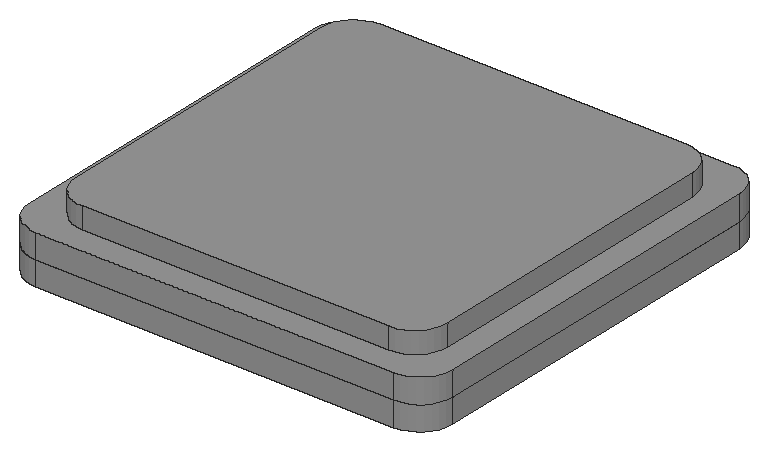
Revit family "FMS2_63_UN_Surface-mounted_ETK", category Lighting Fixtures, Revit 2019 (continued)
Definition of nested family "FMS.2 - Lightsource"
  Types (14, lengths in mm): name | Wattage Comments | Wattage | built-in parameter 1150134 | Photometric Web File | built-in parameter 1150142 | built-in parameter 1150105 | Lumens | built-in parameter 1150107 | built-in parameter 1150106 | Apparent Load
      56\t263.5693\t260.233\t256.8966\t253.5603\r\n250.0957\t246.631\t243.1664\t239.7018\t236.1088\t232.6442\t229.1795\t225.5866\t222.1219\t218.6573\r\n215.1926\t211.5997\t208.135\t204.6704\t201.0774\t197.6128\t194.1482\t190.5552\t187.0906\t183.6259\r\n180.1613\t176.6966\t173.232\t169.7674\t166.3027\t162.7098\t159.2451\t155.7805\t152.3158\t148.8512\r\n145.3866\t141.9219\t138.4573\t134.9926\t131.528\t128.1147\t124.65\t121.1854\t117.7208\t114.2561\r\n110.7915\t107.6605\t104.5936\t101.5268\t98.4599\t95.3931\t92.3262\t89.2594\t86.2054\t83.1385\r\n80.0717\t77.0048\t73.938\t70.8711\t67.8043\t64.7374\t61.6706\t58.6037\t55.5369\t52.4829\r\n49.416\t44.6169\t39.6765\t34.7362\t29.8087\t24.8684\t19.9281\t15.0006\t10.0603\t5.1238\r\n0.187\t0\t0\t0\t0\t0\t0\t0\t0\t0\r\n0\r\n473.6291\t472.9875\t472.4742\t471.8326\t471.191\t470.5494\t469.9078\t469.2662\t468.6246\t467.983\r\n467.3414\t466.6998\t466.0582\t465.4166\t464.775\t464.1334\t463.4918\t462.8502\t462.2086\t461.567\r\n460.9254\t459.5139\t457.9741\t456.3059\t454.6378\t452.9696\t451.3014\t449.6333\t447.8368\t446.1686\r\n444.5005\t442.8323\t441.1642\t439.496\t437.8278\t436.1597\t434.4915\t432.8234\t431.1552\t429.487\r\n427.6906\t425.7658\t423.1994\t420.7613\t418.1949\t415.7568\t413.1904\t410.7523\t408.1859\t405.7478\r\n403.1814\t400.615\t398.177\t395.6106\t393.1725\t390.6061\t388.0397\t385.6016\t383.0352\t380.5971\r\n378.0307\t375.336\t372.2563\t369.305\t366.2253\t363.1456\t360.0659\t356.9862\t354.0349\t350.9552\r\n347.8755\t344.7958\t341.7162\t338.7648\t335.6851\t332.6054\t329.5258\t326.5744\t323.4947\t320.415\r\n317.3354\t314.2557\t310.9194\t307.583\t304.1184\t300.7821\t297.4458\t294.1094\t290.6448\t287.3085\r\n283.9722\t280.5075\t277.1712\t273.8349\t270.4986\t267.0339\t263.6976\t260.3613\t256.8966\t253.5603\r\n250.224\t246.8877\t243.2947\t239.8301\t236.3654\t232.7725\t229.3078\t225.8432\t222.3786\t218.7856\r\n215.321\t211.8563\t208.2634\t204.7987\t201.3341\t197.7411\t194.2765\t190.8118\t187.3472\t183.7542\r\n180.2896\t176.825\t173.3603\t169.8957\t166.431\t162.9664\t159.5018\t156.0371\t152.5725\t149.1078\r\n145.6432\t142.1786\t138.7139\t135.2493\t131.7846\t128.32\t124.9195\t121.4677\t118.0159\t114.5641\r\n111.1123\t107.8273\t104.7733\t101.7064\t98.6524\t95.5984\t92.5316\t89.4775\t86.4235\t83.3695\r\n80.3155\t77.2486\t74.1946\t71.1406\t68.0866\t65.0326\t61.9786\t58.9245\t55.8705\t52.8165\r\n49.7625\t45.374\t40.408\t35.4548\t30.5017\t25.5357\t20.5825\t15.6294\t10.666\t5.7077\r\n0.7495\t0\t0\t0\t0\t0\t0\t0\t0\t0\r\n0\r\n473.6291\t473.1158\t472.4742\t471.8326\t471.191\t470.5494\t469.9078\t469.2662\t468.6246\t467.983\r\n467.3414\t466.6998\t466.0582\t465.4166\t464.775\t464.1334\t463.4918\t462.8502\t462.0803\t461.4387\r\n460.6688\t459.7706\t458.1024\t456.3059\t454.6378\t452.9696\t451.3014\t449.6333\t447.9651\t446.297\r\n444.6288\t442.8323\t441.1642\t439.496\t437.8278\t436.1597\t434.4915\t432.8234\t431.1552\t429.487\r\n427.6906\t426.0224\t423.7126\t421.1462\t418.7082\t416.1418\t413.5754\t411.009\t408.5709\t406.0045\r\n403.4381\t400.8717\t398.3053\t395.7389\t393.1725\t390.6061\t388.0397\t385.6016\t383.0352\t380.4688\r\n377.9024\t375.336\t372.7696\t369.6899\t366.6102\t363.5306\t360.4509\t357.3712\t354.2915\t351.2118\r\n348.1322\t345.0525\t342.1011\t339.0214\t335.9418\t332.8621\t329.7824\t326.7027\t323.623\t320.5434\r\n317.4637\t314.384\t311.3043\t307.968\t304.5034\t301.167\t297.7024\t294.3661\t291.0298\t287.5651\r\n284.2288\t280.7642\t277.4278\t274.0915\t270.6269\t267.2906\t263.9542\t260.4896\t257.1533\t253.817\r\n250.3523\t247.016\t243.5514\t240.0867\t236.6221\t233.1574\t229.5645\t226.0998\t222.6352\t219.0422\r\n215.5776\t212.113\t208.6483\t205.0554\t201.5907\t198.1261\t194.6614\t191.0685\t187.6038\t184.1392\r\n180.6746\t177.2099\t173.617\t170.2806\t166.816\t163.3514\t159.8867\t156.4221\t152.9574\t149.4928\r\n146.0282\t142.5635\t139.0989\t135.6342\t132.2979\t128.8333\t125.343\t121.904\t118.4522\t115.0132\r\n111.5614\t108.1096\t104.9529\t101.9117\t98.8577\t95.8037\t92.7625\t89.7213\t86.6673\t83.6261\r\n80.585\t77.5438\t74.5026\t71.4614\t68.4202\t65.379\t62.3379\t59.2967\t56.2683\t53.2271\r\n50.1988\t46.516\t41.5372\t36.5584\t31.5667\t26.5879\t21.6091\t16.6303\t11.6502\t6.6701\r\n1.6887\t0\t0\t0\t0\t0\t0\t0\t0\t0\r\n0\r\n473.6291\t473.1158\t472.4742\t471.8326\t471.191\t470.5494\t470.0362\t469.3946\t468.753\t468.1114\r\n467.4698\t466.8282\t466.1866\t465.545\t464.775\t464.0051\t463.3635\t462.5936\t461.952\t461.1821\r\n460.4122\t459.7706\t458.2307\t456.5626\t454.8944\t453.2262\t451.5581\t449.8899\t448.0934\t446.4253\r\n444.7571\t443.089\t441.4208\t439.6243\t437.9562\t436.288\t434.4915\t432.8234\t431.0269\t429.2304\r\n427.5622\t425.7658\t423.9693\t421.6595\t419.0931\t416.5267\t414.0886\t411.5222\t408.9558\t406.3894\r\n403.6947\t401.1283\t398.5619\t395.9955\t393.4291\t390.8627\t388.2963\t385.6016\t383.0352\t380.4688\r\n377.9024\t375.336\t372.7696\t370.2032\t367.1235\t364.0438\t360.9642\t357.8845\t354.8048\t351.7251\r\n348.6454\t345.5658\t342.4861\t339.4064\t336.1984\t333.1187\t330.039\t326.9594\t323.8797\t320.8\r\n317.592\t314.5123\t311.561\t308.353\t305.145\t301.6803\t298.344\t294.8794\t291.543\t288.0784\r\n284.6138\t281.2774\t277.8128\t274.4765\t271.0118\t267.6755\t264.3392\t260.8746\t257.5382\t254.2019\r\n250.7373\t247.401\t243.9363\t240.6\t237.1354\t233.5424\t230.0778\t226.4848\t223.0202\t219.5555\r\n215.9626\t212.4979\t209.0333\t205.4403\t201.9757\t198.511\t195.0464\t191.4534\t187.9888\t184.5242\r\n181.0595\t177.5949\t174.1302\t170.6656\t167.201\t163.7363\t160.2717\t156.807\t153.3424\t149.8778\r\n146.4131\t143.0768\t139.6122\t136.1475\t132.6829\t129.2182\t125.7793\t122.3403\t118.9141\t115.4752\r\n112.049\t108.61\t105.1839\t102.0657\t99.0374\t96.009\t92.9807\t89.9523\t86.924\t83.8956\r\n80.8673\t77.8517\t74.8362\t71.8079\t68.7924\t65.7768\t62.7741\t59.7586\t56.7431\t53.7404\r\n50.7249\t47.7222\t43.077\t38.0725\t33.0681\t28.0508\t23.0463\t18.0418\t13.0245\t8.0174\r\n3.0078\t0\t0\t0\t0\t0\t0\t0\t0\t0\r\n0\r\n473.6291\t473.1158\t472.4742\t471.8326\t471.3194\t470.6778\t470.0362\t469.3946\t468.8813\t468.2397\r\n467.5981\t466.8282\t466.0582\t465.4166\t464.6467\t464.0051\t463.2352\t462.4653\t461.6954\t461.0538\r\n460.2838\t459.3856\t458.6157\t456.9475\t455.2794\t453.6112\t451.943\t450.2749\t448.6067\t446.9386\r\n445.1421\t443.3456\t441.5491\t439.7526\t438.0845\t436.288\t434.4915\t432.695\t430.8986\t429.1021\r\n427.3056\t425.5091\t423.7126\t421.9162\t419.863\t417.2966\t414.7302\t412.1638\t409.4691\t406.9027\r\n404.208\t401.6416\t399.0752\t396.3805\t393.8141\t391.1194\t388.553\t385.9866\t383.2918\t380.7254\r\n378.0307\t375.336\t372.7696\t370.0749\t367.3802\t364.6854\t361.6058\t358.5261\t355.3181\t352.2384\r\n349.1587\t345.9507\t342.871\t339.663\t336.5834\t333.3754\t330.2957\t327.216\t324.008\t320.9283\r\n317.8486\t314.769\t311.561\t308.4813\t305.4016\t302.1936\t298.9856\t295.521\t292.0563\t288.5917\r\n285.2554\t281.7907\t278.3261\t274.9898\t271.5251\t268.0605\t264.7242\t261.2595\t257.9232\t254.4586\r\n251.1222\t247.6576\t244.3213\t240.8566\t237.392\t234.0557\t230.591\t227.1264\t223.5334\t220.0688\r\n216.4758\t213.0112\t209.5466\t206.0819\t202.489\t199.0243\t195.5597\t192.095\t188.6304\t185.0374\r\n181.5728\t178.1082\t174.6435\t171.1789\t167.7142\t164.2496\t160.785\t157.3203\t153.8557\t150.391\r\n146.9264\t143.4618\t139.9971\t136.6608\t133.1962\t129.7315\t126.3054\t122.8664\t119.4274\t116.0013\r\n112.5751\t109.149\t105.7228\t102.3095\t99.1015\t96.0988\t93.109\t90.1063\t87.1164\t84.1266\r\n81.1367\t78.1469\t75.1699\t72.1928\t69.2158\t66.2388\t63.2618\t60.2847\t57.3077\t54.3435\r\n51.3665\t48.4023\t45.0916\t40.0487\t35.0057\t29.9499\t24.9069\t19.8639\t14.8081\t9.76\r\n4.7106\t0\t0\t0\t0\t0\t0\t0\t0\t0\r\n0\r\n473.6291\t473.1158\t472.4742\t471.961\t471.3194\t470.8061\t470.1645\t469.6512\t469.0096\t468.2397\r\n467.5981\t466.8282\t466.0582\t465.4166\t464.6467\t463.8768\t463.1069\t462.337\t461.567\t460.7971\r\n460.0272\t459.2573\t458.4874\t457.7174\t456.0493\t454.2528\t452.4563\t450.7882\t448.9917\t447.1952\r\n445.3987\t443.6022\t441.9341\t440.1376\t438.2128\t436.4163\t434.6198\t432.695\t430.8986\t429.1021\r\n427.3056\t425.3808\t423.456\t421.5312\t419.6064\t417.8099\t415.5002\t412.9338\t410.239\t407.6726\r\n404.9779\t402.2832\t399.5885\t396.8938\t394.199\t391.5043\t388.9379\t386.2432\t383.5485\t380.8538\r\n378.159\t375.4643\t372.6413\t369.9466\t367.2518\t364.5571\t361.9907\t359.296\t356.2163\t353.0083\r\n349.8003\t346.5923\t343.3843\t340.3046\t337.0966\t333.8886\t330.809\t327.601\t324.393\t321.185\r\n318.1053\t314.8973\t311.8176\t308.6096\t305.4016\t302.3219\t299.1139\t296.0342\t292.9546\t289.4899\r\n286.0253\t282.689\t279.2243\t275.7597\t272.295\t268.8304\t265.3658\t261.9011\t258.4365\t254.9718\r\n251.6355\t248.1709\t244.7062\t241.2416\t237.9053\t234.4406\t231.1043\t227.6397\t224.3034\t220.7104\r\n217.2458\t213.6528\t210.1882\t206.5952\t203.1306\t199.5376\t196.073\t192.6083\t189.0154\t185.5507\r\n182.0861\t178.6214\t175.1568\t171.6922\t168.2275\t164.7629\t161.2982\t157.8336\t154.369\t150.9043\r\n147.4397\t143.975\t140.6387\t137.1741\t133.7094\t130.2448\t126.87\t123.4567\t120.0562\t116.6429\r\n113.2424\t109.8419\t106.4543\t103.0666\t99.679\t96.3042\t93.3271\t90.3501\t87.3859\t84.4217\r\n81.4704\t78.5062\t75.5548\t72.6035\t69.6521\t66.7007\t63.7622\t60.8237\t57.8852\t54.9466\r\n52.0081\t49.0824\t46.1439\t42.4354\t37.3411\t32.2468\t27.1653\t22.071\t16.9767\t11.8863\r\n6.7945\t1.7028\t0\t0\t0\t0\t0\t0\t0\t0\r\n0\r\n473.6291\t473.1158\t472.6026\t472.0893\t471.4477\t470.9344\t470.2928\t469.7795\t469.0096\t468.368\r\n467.5981\t466.8282\t466.1866\t465.4166\t464.6467\t463.8768\t463.1069\t462.337\t461.567\t460.7971\r\n459.8989\t459.129\t458.2307\t457.3325\t456.3059\t454.8944\t453.0979\t451.3014\t449.6333\t447.8368\r\n445.912\t444.1155\t442.319\t440.3942\t438.5978\t436.8013\t434.8765\t432.9517\t431.0269\t429.1021\r\n427.1773\t425.2525\t423.1994\t421.2746\t419.2214\t417.2966\t415.2435\t413.3187\t411.2656\t408.6992\r\n406.0045\t403.1814\t400.4867\t397.6637\t394.969\t392.1459\t389.4512\t386.7565\t383.9334\t381.1104\r\n378.4157\t375.5926\t372.8979\t370.0749\t367.3802\t364.5571\t361.7341\t358.911\t356.2163\t353.3933\r\n350.5702\t347.4906\t344.2826\t341.0746\t337.8666\t334.6586\t331.4506\t328.2426\t325.0346\t321.6982\r\n318.4902\t315.2822\t312.0742\t308.8662\t305.6582\t302.4502\t299.3706\t296.1626\t292.9546\t289.7466\r\n286.6669\t283.4589\t280.1226\t276.5296\t273.065\t269.6003\t266.1357\t262.671\t259.0781\t255.6134\r\n252.1488\t248.6842\t245.2195\t241.8832\t238.4186\t234.9539\t231.4893\t228.0246\t224.6883\t221.2237\r\n217.759\t214.4227\t210.8298\t207.2368\t203.7722\t200.1792\t196.7146\t193.1216\t189.657\t186.1923\r\n182.7277\t179.1347\t175.6701\t172.2054\t168.7408\t165.2762\t161.8115\t158.4752\t155.0106\t151.5459\r\n148.0813\t144.6166\t141.152\t137.8157\t134.351\t130.8864\t127.5244\t124.1239\t120.7235\t117.3358\r\n113.9482\t110.5733\t107.2114\t103.8365\t100.4874\t97.1254\t93.7891\t90.5298\t87.5912\t84.6655\r\n81.7398\t78.8141\t75.9013\t72.9884\t70.0756\t67.1627\t64.2627\t61.3498\t58.4498\t55.5626\r\n52.6625\t49.7882\t46.901\t44.0138\t40.1513\t35.0057\t29.8601\t24.7144\t19.5688\t14.4232\r\n9.275\t4.1268\t0\t0\t0\t0\t0\t0\t0\t0\r\n0\r\n473.6291\t473.1158\t472.6026\t472.0893\t471.576\t471.0627\t470.5494\t469.7795\t469.1379\t468.368\r\n467.7264\t466.9565\t466.3149\t465.545\t464.775\t464.0051\t463.2352\t462.337\t461.567\t460.6688\r\n459.7706\t458.8723\t457.8458\t456.9475\t456.0493\t455.0227\t453.9962\t452.0714\t450.2749\t448.4784\r\n446.6819\t444.8854\t442.9606\t441.0358\t439.111\t437.0579\t435.1331\t433.2083\t431.2835\t429.2304\r\n427.1773\t425.2525\t423.1994\t421.1462\t419.2214\t417.1683\t414.9869\t412.9338\t410.8806\t408.6992\r\n406.5178\t404.3363\t401.5133\t398.6902\t395.8672\t393.1725\t390.3494\t387.6547\t384.8317\t381.8803\r\n379.0573\t376.2342\t373.2829\t370.4598\t367.6368\t364.8138\t361.8624\t359.0394\t356.2163\t353.265\r\n350.4419\t347.6189\t344.6675\t341.8445\t338.8931\t335.5568\t332.3488\t329.0125\t325.8045\t322.5965\r\n319.2602\t315.9238\t312.7158\t309.3795\t306.1715\t302.8352\t299.6272\t296.4192\t293.0829\t289.8749\r\n286.6669\t283.4589\t280.2509\t277.0429\t273.8349\t270.6269\t267.1622\t263.6976\t260.1046\t256.64\r\n253.1754\t249.5824\t246.1178\t242.6531\t239.0602\t235.5955\t232.1309\t228.6662\t225.2016\t221.737\r\n218.2723\t214.8077\t211.343\t208.0067\t204.5421\t201.0774\t197.4845\t194.0198\t190.5552\t186.9622\r\n183.4976\t180.033\t176.44\t172.9754\t169.5107\t166.0461\t162.5814\t159.1168\t155.6522\t152.1875\r\n148.8512\t145.3866\t142.0502\t138.5856\t135.121\t131.6563\t128.2943\t124.8939\t121.5062\t118.1186\r\n114.7437\t111.3818\t108.0326\t104.6835\t101.3471\t98.0108\t94.6873\t91.3638\t88.0532\t84.8067\r\n81.9323\t79.0451\t76.1708\t73.3092\t70.4348\t67.5861\t64.7246\t61.8759\t59.0272\t56.1785\r\n53.3426\t50.5068\t47.6837\t44.8607\t42.0376\t38.2907\t33.0681\t27.8583\t22.6356\t17.413\r\n12.184\t6.9588\t1.7323\t0\t0\t0\t0\t0\t0\t0\r\n0\r\n473.6291\t473.2442\t472.7309\t472.2176\t471.7043\t471.191\t470.6778\t469.9078\t469.2662\t468.4963\r\n467.8547\t467.0848\t466.4432\t465.6733\t464.9034\t464.1334\t463.3635\t462.4653\t461.567\t460.5405\r\n459.6422\t458.6157\t457.7174\t456.6909\t455.6643\t454.6378\t453.4829\t452.4563\t451.3014\t449.3766\r\n447.4518\t445.527\t443.6022\t441.6774\t439.7526\t437.6995\t435.7747\t433.7216\t431.6685\t429.7437\r\n427.6906\t425.5091\t423.456\t421.2746\t419.0931\t416.9117\t414.8586\t412.5488\t410.3674\t408.1859\r\n406.1328\t403.9514\t401.7699\t399.4602\t397.1504\t394.584\t391.6326\t388.8096\t385.8582\t382.9069\r\n380.0838\t377.1325\t374.1811\t371.2298\t368.4067\t365.4554\t362.504\t359.5526\t356.6013\t353.6499\r\n350.6986\t347.6189\t344.6675\t341.7162\t338.7648\t335.8134\t332.8621\t329.7824\t326.831\t323.623\r\n320.2867\t316.9504\t313.6141\t310.4061\t307.0698\t303.7334\t300.3971\t297.0608\t293.7245\t290.3882\r\n287.1802\t283.8438\t280.5075\t277.1712\t273.9632\t270.6269\t267.4189\t264.2109\t261.0029\t257.7949\r\n254.4586\t250.8656\t247.2726\t243.808\t240.215\t236.7504\t233.1574\t229.5645\t226.0998\t222.6352\r\n219.0422\t215.5776\t212.113\t208.6483\t205.1837\t201.719\t198.2544\t194.9181\t191.4534\t187.9888\r\n184.3958\t180.9312\t177.3382\t173.8736\t170.2806\t166.816\t163.3514\t159.8867\t156.4221\t152.9574\r\n149.4928\t146.0282\t142.6918\t139.2272\t135.7626\t132.4262\t129.0899\t125.6381\t122.2505\t118.8756\r\n115.5137\t112.1773\t108.841\t105.5047\t102.1812\t98.8706\t95.5599\t92.2749\t88.9899\t85.7306\r\n82.4713\t79.2119\t76.3247\t73.5017\t70.6915\t67.8813\t65.0839\t62.2865\t59.502\t56.7303\r\n53.9586\t51.1997\t48.4408\t45.6948\t42.9487\t40.2027\t36.9048\t31.5796\t26.2414\t20.9162\r\n15.578\t10.2464\t4.9108\t0\t0\t0\t0\t0\t0\t0\r\n0\r\n473.6291\t473.2442\t472.8592\t472.3459\t471.8326\t471.4477\t470.8061\t470.0362\t469.3946\t468.753\r\n468.1114\t467.3414\t466.6998\t465.9299\t465.16\t464.2618\t463.4918\t462.4653\t461.4387\t460.5405\r\n459.6422\t458.744\t457.5891\t456.5626\t455.4077\t454.2528\t453.2262\t451.943\t450.6598\t449.3766\r\n448.0934\t446.6819\t444.6288\t442.704\t440.6509\t438.7261\t436.673\t434.6198\t432.5667\t430.3853\r\n428.2038\t426.0224\t423.841\t421.6595\t419.4781\t417.1683\t414.9869\t412.8054\t410.624\t408.3142\r\n405.8762\t403.5664\t401.2566\t398.9469\t396.5088\t394.199\t391.761\t389.4512\t387.0131\t384.7034\r\n381.752\t378.8006\t375.721\t372.6413\t369.5616\t366.6102\t363.6589\t360.5792\t357.4995\t354.4198\r\n351.3402\t348.2605\t345.1808\t342.1011\t339.0214\t335.9418\t332.9904\t329.9107\t326.831\t323.7514\r\n320.6717\t317.592\t314.5123\t311.4326\t308.4813\t305.0166\t301.552\t298.0874\t294.751\t291.2864\r\n287.9501\t284.6138\t281.2774\t277.8128\t274.4765\t271.1402\t267.8038\t264.4675\t261.1312\t257.7949\r\n254.4586\t251.2506\t247.9142\t244.5779\t241.3699\t238.1619\t234.569\t230.976\t227.383\t223.7901\r\n220.1971\t216.6042\t213.1395\t209.5466\t206.0819\t202.6173\t199.0243\t195.5597\t192.095\t188.6304\r\n185.1658\t181.7011\t178.3648\t174.9002\t171.4355\t167.8426\t164.2496\t160.785\t157.192\t153.7274\r\n150.2627\t146.7981\t143.3334\t139.9971\t136.5325\t133.0678\t129.7315\t126.331\t122.9562\t119.6071\r\n116.2579\t112.9088\t109.5853\t106.2746\t102.9768\t99.7046\t96.4325\t93.1988\t89.9652\t86.7443\r\n83.5363\t80.354\t77.1716\t73.9893\t70.961\t68.2021\t65.456\t62.71\t59.9896\t57.2692\r\n54.5617\t51.8541\t49.1594\t46.4775\t43.7956\t41.1266\t38.4575\t35.8013\t30.5145\t25.0352\r\n19.556\t14.0639\t8.5795\t3.0887\t0\t0\t0\t0\t0\t0\r\n0\r\n473.6291\t473.2442\t472.8592\t472.4742\t471.961\t471.576\t470.9344\t470.2928\t469.6512\t469.0096\r\n468.2397\t467.5981\t466.9565\t466.1866\t465.2883\t464.5184\t463.4918\t462.5936\t461.6954\t460.7971\r\n459.7706\t458.6157\t457.5891\t456.4342\t455.2794\t454.1245\t452.8413\t451.5581\t450.2749\t448.8634\r\n447.5802\t446.1686\t444.7571\t443.3456\t441.9341\t440.0093\t437.8278\t435.6464\t433.465\t431.2835\r\n429.1021\t426.9206\t424.7392\t422.5578\t420.248\t417.9382\t415.6285\t413.1904\t410.8806\t408.4426\r\n406.1328\t403.6947\t401.2566\t398.8186\t396.3805\t393.9424\t391.5043\t389.0662\t386.4998\t383.9334\r\n381.367\t378.929\t376.3626\t373.7962\t371.2298\t368.4067\t365.327\t362.2474\t359.0394\t355.8314\r\n352.6234\t349.5437\t346.464\t343.256\t340.048\t336.84\t333.7603\t330.5523\t327.3443\t324.1363\r\n321.0566\t317.8486\t314.6406\t311.561\t308.353\t305.145\t301.937\t298.8573\t295.6493\t292.5696\r\n289.3616\t286.0253\t282.5606\t279.096\t275.6314\t272.1667\t268.7021\t265.2374\t261.9011\t258.4365\r\n254.9718\t251.6355\t248.1709\t244.8346\t241.4982\t238.1619\t234.8256\t231.4893\t228.2813\t224.945\r\n221.6086\t218.2723\t214.8077\t211.2147\t207.4934\t203.9005\t200.1792\t196.7146\t193.1216\t189.657\r\n186.064\t182.5994\t179.0064\t175.5418\t172.0771\t168.4842\t165.0195\t161.6832\t158.2186\t154.7539\r\n151.2893\t147.6963\t144.2317\t140.767\t137.3024\t133.9661\t130.5014\t127.0753\t123.7005\t120.3385\r\n117.0022\t113.6787\t110.3809\t107.083\t103.8109\t100.5516\t97.3051\t94.0842\t90.8762\t87.6811\r\n84.5116\t81.342\t78.1982\t75.08\t71.9619\t68.8565\t65.764\t62.9281\t60.2591\t57.6028\r\n54.9595\t52.3289\t49.7112\t47.1063\t44.5014\t41.9221\t39.3429\t36.7637\t34.1973\t29.9242\r\n24.2268\t18.5422\t12.8448\t7.1513\t1.4
